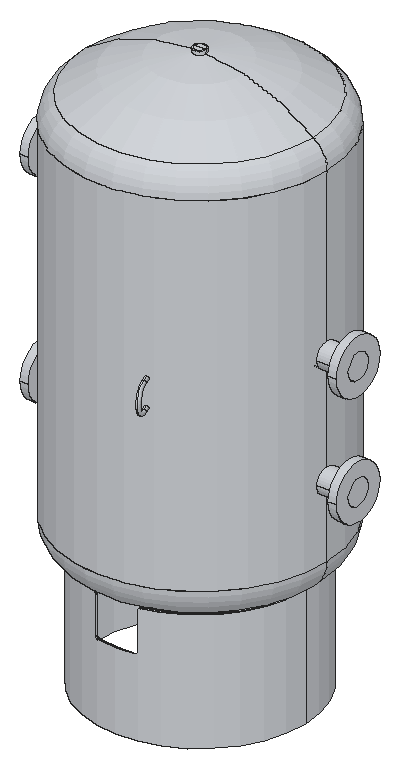
Revit family "HWBT-300-3-3-125 and 150", category Mechanical Equipment, Revit 2014
Parameters (values of type "HWBT-300-3-3-125 and 150")
  Tank Weight = "667 lbs @ 125, 734 lbs @ 150"
  Tank Volume = "300 Gal"
  Tank Height = "80 3/8\""
  Tank Diameter = "36\""
  Note = "All dimensions and weights are approximate"
  Maximum Acceptance Volume = "N/A"
  Max Operating Temp = "450° F"
  Max Operating Pressure = "125psi, or 150psi (depending on model)"
  Connector Size = "3\""
Reference planes (in)
  plane 1 "Center (Front/Back)": y = 0
  plane 2: z = 0
  plane 3 "Center (Left/Right)": x = 0
Forms (in)
  Sweep 1, solid
    path origin (0.00567, -0.22084, -0.12453) x (0.338389, -0.941006, 0) y (0, 0, 1)
      loop
        line (17.83546, 48.42089) -> (18.83546, 48.42089)
        arc (18.83546, 48.42089) -> (20.71046, 46.54589) -> (18.83546, 44.67089) r 1.875
        line (18.83546, 44.67089) -> (17.83546, 44.67089)
    profile origin (6.21019, -17.47463, 48.29636) x (0, 0, 1) y (-0.941006, -0.338389, 0)
      loop
        circle (0, 0) r 0.25
  Extrusion 2, solid
    sketch origin (0, 0, 0) x (1, 0, 0) y (0, 1, 0)
      loop
        circle (0, 0) r 15
      loop
        circle (0, 0) r 14.8125
    from 0 to 17
  Extrusion 3, void
    sketch origin (0, 0, 0) x (1, 0, 0) y (0, 0, 1)
      loop
        arc (-3.4137, 17) -> (-3.12117, 16.87883) -> (-3, 16.5863) r 0.4137
        line (-3, 16.5863) -> (-3, 11.4137)
        arc (-3, 11.4137) -> (-2.87883, 11.12117) -> (-2.5863, 11) r 0.4137
        line (-2.5863, 11) -> (2.5863, 11)
        arc (2.5863, 11) -> (2.87883, 11.12117) -> (3, 11.4137) r 0.4137
        line (3, 11.4137) -> (3, 16.5863)
        arc (3, 16.5863) -> (3.12117, 16.87883) -> (3.4137, 17) r 0.4137
        line (3.4137, 17) -> (3.45066, 17.20962) -> (-3.4137, 17.20962) -> (-3.4137, 17)
    from 0 to 18
  Extrusion 4, void
    sketch origin (0, 0, 0) x (1, 0, 0) y (0, 0, 1)
      loop
        line (-6, 17) -> (-6, 2.4137)
        arc (-6, 2.4137) -> (-5.87883, 2.12117) -> (-5.5863, 2) r 0.4137
        line (-5.5863, 2) -> (5.5863, 2)
        arc (5.5863, 2) -> (5.87883, 2.12117) -> (6, 2.4137) r 0.4137
        line (6, 2.4137) -> (6, 17.6637) -> (-6, 17.6637) -> (-6, 17)
    from 0 to -18
  Revolve 5, solid
    sketch origin (0, 0, 0) x (1, 0, 0) y (0, 0, 1)
      loop
        line (0, 80.88747) -> (-0.80591, 80.88747)
        arc (-0.80591, 80.88747) -> (-0.85014, 80.86915) -> (-0.86845, 80.82493) r 0.06254
        line (-0.86845, 80.82493) -> (-0.89214, 80.37289)
        arc (-0.89214, 80.37289) -> (-8.94224, 78.87372) -> (-16.17999, 75.04403) r 27.168
        arc (-16.17999, 75.04403) -> (-17.55638, 73.46039) -> (-18.082, 71.42911) r 4.57937
        line (-18.082, 71.42911) -> (-18.082, 21.72098)
        arc (-18.082, 21.72098) -> (-17.56016, 19.61914) -> (-16.17999, 17.95027) r 4.87859
        arc (-16.17999, 17.95027) -> (-8.93864, 14.12339) -> (-0.88417, 12.63757) r 27.06844
        line (-0.88417, 12.63757) -> (-0.86845, 12.18762)
        arc (-0.86845, 12.18762) -> (-0.85014, 12.1434) -> (-0.80591, 12.12508) r 0.06254
        line (-0.80591, 12.12508) -> (0, 12.12508) -> (0, 80.88747)
      axis (0, 80.88747) -> (0, 12.12508)
    angle from 0 to 360
  Extrusion 6, solid
    sketch origin (0, 0, 0) x (0, 1, 0) y (0, 0, 1)
      loop
        circle (0, 48.125) r 1.75
    from 0 to 22.5
  Extrusion 7, solid
    sketch origin (0, 0, 0) x (0, 1, 0) y (0, 0, 1)
      loop
        circle (0, 61) r 1.75
    from 0 to -22.5
  Extrusion 8, solid
    sketch origin (0, 0, 0) x (0, 1, 0) y (0, 0, 1)
      loop
        circle (0, 61) r 3.8125
    from -21.3125 to -22.5
  Extrusion 9, solid
    sketch origin (0, 0, 0) x (0, 1, 0) y (0, 0, 1)
      loop
        circle (0, 48.125) r 3.8125
    from 21.3125 to 22.5
  Extrusion 10, solid
    sketch origin (0, 0, 0) x (0, 1, 0) y (0, 0, 1)
      loop
        circle (0, 32.125) r 1.75
    from 0 to 22.5
  Extrusion 11, solid
    sketch origin (0, 0, 0) x (0, 1, 0) y (0, 0, 1)
      loop
        circle (0, 32.125) r 1.75
    from 0 to -22.5
  Extrusion 12, solid
    sketch origin (0, 0, 0) x (0, 1, 0) y (0, 0, 1)
      loop
        circle (0, 32.125) r 3.8125
    from -21.3125 to -22.5
  Extrusion 13, solid
    sketch origin (0, 0, 0) x (0, 1, 0) y (0, 0, 1)
      loop
        circle (0, 32.125) r 3.8125
    from 21.3125 to 22.5
Cuts and joins
  Extrusion 3, Extrusion 4 cuts Extrusion 2
Dimensions and locks (in)
  aligned and locked: level to plane 2
